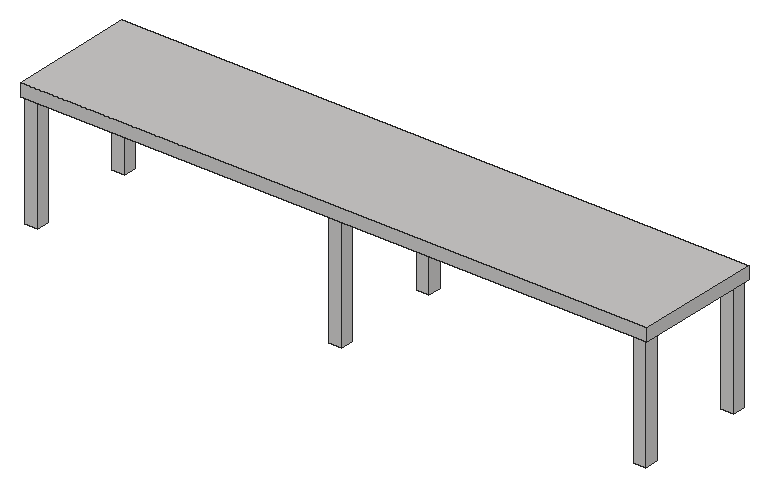
Revit family "QF_ZANUSSI_132969_OSN1L20", category Attrezzature speciali, Revit 2021
Family settings
  Quota connettore circolare = Usa diametro
  Tipo di parte = Normale
  Basato su piano di lavoro = No
  Sempre verticale = Sì
  Taglio con vuoti quando caricato = No
  Condiviso = No
  Punto di calcolo locali = No
Parameters (values of type "Standard")
  Weight = 25.00 kg
  Watts = 0 W
  Volts = 0 V
  URL Manufacturer = "http://www.zanussiprofessional.com"
  URL = "http://www.zanussiprofessional.com"
  Steam Supply Size = 0 mm
  Steam Supply Minimum Pressure = 0.0 Pa
  Steam Supply Maximum Pressure = 0.0 Pa
  Steam Consumption per Hour = 0
  Refrigeration Suction Line Size = 0.0 mm
  Refrigeration Liquid Line Size = 0.0 mm
  Refrigerant Compressor Remote = yes
  Prospetto di default = 0.0 mm
  Phase = 0
  Modello = "OSN1L20"
  Produttore = "Zanussi"
  Length Actual = 1975.0 mm  # constant formula
  Item Number = "132969"
  Hot Water Size = 0 mm
  Height Actual = 400.0 mm  # constant formula
  HP = "0 HP"
  Gas Size = 0 mm
  Gas KW = 0
  Gas Input Pressure = 0 W
  Direct Waste Size = 0 mm
  Descrizione = "OVERSHELF, NEUTRAL, ONE TIER, 2000 MM"
  Depth Actual = 400.0 mm  # constant formula
  Cycle = 0 Hz
  Condensate Return Size = 0 mm
  Compressed Air Volume = 0.0 L/s
  Compressed Air Size = 0 mm
  Compressed Air Pressure = 0.0 Pa
  Cold Water Size = 0 mm
  Accessory = yes
Reference planes
  plane 1 "Center (Front/Back)": y = 0
  plane 2: z = 0
  plane 3 "Center (Left/Right)": x = -487.5
  plane 4 "LEFT": x = -1475
  plane 5 "RIGHT": x = 500
  plane 6 "BACK": y = 350
  plane 7 "FRONT": y = -50
  plane 8 "Base": z = 1260
  plane 9 "TOP": z = 1300
  plane 10: x = -1447.2
  plane 11: x = 472.2
  plane 12: y = 322.2
  plane 13: y = -22.2
  plane 14: z = 900
Forms (mm)
  Extrusion 1, solid, material "QF_Finishes_Stainless Steel"
    sketch origin (-487.5, 0, 900) x (0, 1, 0) y (0, 0, 1)
      loop
        line (-50, 360) -> (350, 360) -> (350, 400) -> (-50, 400) -> (-50, 360)
    from 987.5 to -987.5
Lines and regions (mm)
  symbolic lines
    curve 1: line (500, 350, 1300) -> (-1475, 350, 1300)
    curve 2: line (-1475, 350, 1300) -> (-1475, -50, 1300)
    curve 3: line (-1475, -50, 1300) -> (500, -50, 1300)
    curve 4: line (500, -50, 1300) -> (500, 350, 1300)
    curve 5: line (-1475, -50, 1300) -> (500, 350, 1300)
  symbolic lines, style "SpecialityEquipmentHiddenLines"
    curve 6: line (-1467.2, -2.2, 1300) -> (-1427.2, -2.2, 1300)
    curve 7: line (-1427.2, -2.2, 1300) -> (-1427.2, -42.2, 1300)
    curve 8: line (-1427.2, -42.2, 1300) -> (-1467.2, -42.2, 1300)
    curve 9: line (-1467.2, -42.2, 1300) -> (-1467.2, -2.2, 1300)
    curve 10: line (-1467.2, 342.2, 1300) -> (-1427.2, 342.2, 1300)
    curve 11: line (-1427.2, 342.2, 1300) -> (-1427.2, 302.2, 1300)
    curve 12: line (-1427.2, 302.2, 1300) -> (-1467.2, 302.2, 1300)
    curve 13: line (-1467.2, 302.2, 1300) -> (-1467.2, 342.2, 1300)
    curve 14: line (452.2, 342.2, 1300) -> (492.2, 342.2, 1300)
    curve 15: line (492.2, 342.2, 1300) -> (492.2, 302.2, 1300)
    curve 16: line (492.2, 302.2, 1300) -> (452.2, 302.2, 1300)
    curve 17: line (452.2, 302.2, 1300) -> (452.2, 342.2, 1300)
    curve 18: line (452.2, -2.2, 1300) -> (492.2, -2.2, 1300)
    curve 19: line (492.2, -2.2, 1300) -> (492.2, -42.2, 1300)
    curve 20: line (492.2, -42.2, 1300) -> (452.2, -42.2, 1300)
    curve 21: line (452.2, -42.2, 1300) -> (452.2, -2.2, 1300)
    curve 22: line (-507.5, 342.202, 1300) -> (-467.5, 342.202, 1300)
    curve 23: line (-467.5, 342.202, 1300) -> (-467.5, 302.202, 1300)
    curve 24: line (-467.5, 302.202, 1300) -> (-507.5, 302.202, 1300)
    curve 25: line (-507.5, 302.202, 1300) -> (-507.5, 342.202, 1300)
    curve 26: line (-507.5, -2.198, 1300) -> (-467.5, -2.198, 1300)
    curve 27: line (-467.5, -2.198, 1300) -> (-467.5, -42.198, 1300)
    curve 28: line (-467.5, -42.198, 1300) -> (-507.5, -42.198, 1300)
    curve 29: line (-507.5, -42.198, 1300) -> (-507.5, -2.198, 1300)
Dimensions and locks
  plane 4 "LEFT" to plane 5 "RIGHT" = 1975.0 mm
  equal spacing: plane 4 "LEFT", plane 3 "Center (Left/Right)", plane 5 "RIGHT"
  plane 4 "LEFT" to plane 10 = 27.8 mm
  plane 11 to plane 5 "RIGHT" = 27.8 mm
  plane 10 to plane 11 = 1919.4 mm
  plane 6 "BACK" to plane 12 = 27.8 mm
  plane 13 to plane 7 "FRONT" = 27.8 mm
  plane 6 "BACK" to plane 7 "FRONT" = 400.0 mm
  plane 12 to plane 13 = 344.4 mm
  plane 6 "BACK" to plane 1 "Center (Front/Back)" to plane 7 "FRONT" = 350.0 mm, 50.0 mm
  plane 14 to level = 900.0 mm
  locked: plane 8 "Base" to plane 14 at 360
  locked: plane 9 "TOP" to plane 14 at 400
  aligned and locked: level to plane 2
  aligned and locked: plane 10 to nested 1
  aligned and locked: nested 1 to plane 13
  aligned and locked: plane 11 to nested 2
  aligned and locked: nested 2 to plane 13
  aligned and locked: plane 11 to nested 4
  aligned and locked: nested 4 to plane 12
  aligned and locked: plane 10 to nested 3
  aligned and locked: nested 3 to plane 12
  aligned and locked: Extrusion 1 to plane 4 "LEFT"
  aligned and locked: plane 5 "RIGHT" to Extrusion 1
  aligned and locked: curve 2 to plane 4 "LEFT"
  aligned and locked: plane 3 "Center (Left/Right)" to nested 5
  aligned and locked: nested 6 to nested 5
Automatic sketch dimensions
  Extrusion 1 sketch curve to plane 7 "FRONT" = 0.0 mm
  Extrusion 1 sketch curve to plane 8 "Base" = 0.0 mm
  Extrusion 1 sketch curve to plane 9 "TOP" = 0.0 mm
  Extrusion 1 sketch curve to plane 6 "BACK" = 0.0 mm
  curve 3 to plane 7 "FRONT" = 0.0 mm
  curve 5 to plane 5 "RIGHT" = 0.0 mm
  curve 5 to plane 6 "BACK" = 0.0 mm
  plane 7 "FRONT" to curve 21 = 7.8 mm
  plane 7 "FRONT" to curve 8 = 7.8 mm
  plane 7 "FRONT" to curve 28 = 7.802 mm
  plane 1 "Center (Front/Back)" to curve 6 = 2.2 mm
  plane 1 "Center (Front/Back)" to curve 21 = 2.2 mm
  plane 1 "Center (Front/Back)" to curve 27 = 2.198 mm
  curve 15 to plane 5 "RIGHT" = 7.8 mm
  curve 15 to plane 12 = 20.0 mm
  plane 4 "LEFT" to curve 12 = 7.8 mm
  curve 12 to plane 12 = 20.0 mm
  curve 24 to plane 12 = 19.998 mm
  curve 10 to plane 6 "BACK" = 7.8 mm
  curve 14 to plane 6 "BACK" = 7.8 mm
  curve 23 to plane 6 "BACK" = 7.798 mm
  curve 19 to plane 5 "RIGHT" = 7.8 mm
  curve 18 to plane 11 = 20.0 mm
  curve 17 to plane 11 = 20.0 mm
  plane 3 "Center (Left/Right)" to curve 22 = 20.0 mm
  plane 3 "Center (Left/Right)" to curve 27 = 20.0 mm
  curve 25 to plane 3 "Center (Left/Right)" = 20.0 mm
  curve 28 to plane 3 "Center (Left/Right)" = 20.0 mm
  plane 10 to curve 6 = 20.0 mm
  plane 10 to curve 12 = 20.0 mm
  plane 4 "LEFT" to curve 9 = 7.8 mm
Nested families
  nested 1: "FEET_40x40_H360" at (-1447.2, -22.2, 900), type "FEET_40x40_H360"
  nested 2: "FEET_40x40_H360" at (472.2, -22.2, 900), type "FEET_40x40_H360"
  nested 3: "FEET_40x40_H360" at (-1447.2, 322.2, 900), type "FEET_40x40_H360"
  nested 4: "FEET_40x40_H360" at (472.2, 322.2, 900), type "FEET_40x40_H360"
  nested 5: "FEET_40x40_H360" at (-487.5, -22.2, 900), type "FEET_40x40_H360"
  nested 6: "FEET_40x40_H360" at (-487.5, 322.2, 900), type "FEET_40x40_H360"
Definition of nested family "FEET_40x40_H360"
  Parameters
    Default Elevation = 0.0 mm
    FEET = 360.0 mm
  Reference planes
    plane 1 "Center (Front/Back)": y = 0
    plane 2: z = 0
    plane 3 "Center (Left/Right)": x = 0
    plane 4: z = 360
  Forms (mm)
    Extrusion 1, solid
      sketch origin (0, 0, 0) x (1, 0, 0) y (0, 1, 0)
        loop
          line (-20, -20) -> (20, -20) -> (20, 20) -> (-20, 20) -> (-20, -20)
      from 0 to 360
  Lines and regions (mm)
    symbolic lines
      curve 1: line (0, -1.503, 0) -> (0, 1.508, 0)
      curve 2: line (1.561, 0, 0) -> (-1.439, 0, 0)
  Dimensions and locks
    "FEET": plane 4 to plane 2
    aligned and locked: level to plane 2
  Automatic sketch dimensions
    plane 1 "Center (Front/Back)" to curve 2 = 0.0 mm
    curve 1 to plane 3 "Center (Left/Right)" = 0.0 mm
    curve 2 to plane 3 "Center (Left/Right)" = 1.439 mm
    plane 3 "Center (Left/Right)" to curve 2 = 1.561 mm
    plane 1 "Center (Front/Back)" to curve 1 = 1.503 mm
    curve 1 to plane 1 "Center (Front/Back)" = 1.508 mm
    Extrusion 1 sketch curve to plane 3 "Center (Left/Right)" = 20.0 mm
    plane 3 "Center (Left/Right)" to Extrusion 1 sketch curve = 20.0 mm
    plane 1 "Center (Front/Back)" to Extrusion 1 sketch curve = 20.0 mm
    Extrusion 1 sketch curve to plane 1 "Center (Front/Back)" = 20.0 mm
